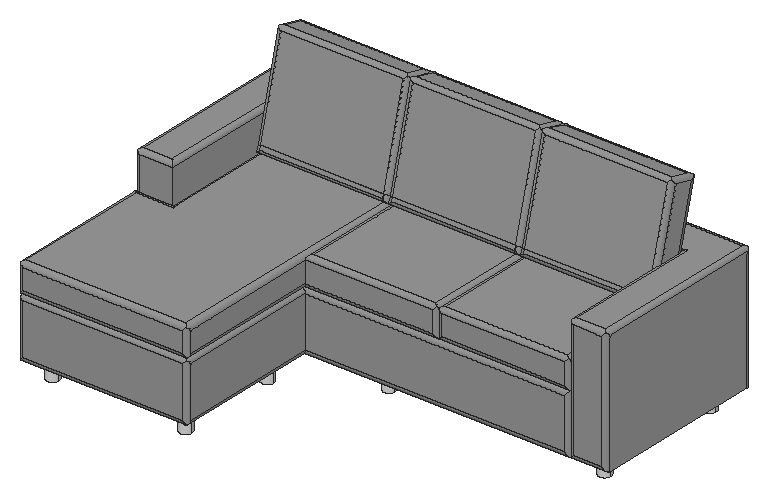
Revit family "Sectional Couch", category Furniture, Revit 2015
Reference planes (in)
  plane 1 "Center Front/Back": y = 0
  plane 2: z = 0
  plane 3 "Center Left/Right": x = 0
Forms (in)
  Extrusion 1, solid, material "Couch Material"
    sketch origin (0, 0, 3) x (1, 0, 0) y (0, 1, 0)
      loop
        line (-39, 27.25) -> (-39, -27.25) -> (-10.75, -27.25) -> (-10.75, -2.75) -> (39.5, -2.75) -> (39.5, 27.25) -> (-39, 27.25)
    from 0 to 10
  Extrusion 2, solid, material "Couch Material"
    sketch origin (0.25, 0, 13) x (1, 0, 0) y (0, 1, 0)
      loop
        line (-33, 21) -> (-33, -2.75) -> (-39.25, -2.75) -> (-39.25, -27.25) -> (-11, -27.25) -> (-11, 21) -> (-33, 21)
    from 0 to 5
  Extrusion 3, solid, material "Couch Material"
    sketch origin (0, 0, 0) x (1, 0, 0) y (0, 1, 0)
      loop
        line (-39, 27.25) -> (-39, -2.75) -> (-32.75, -2.75) -> (-32.75, 21) -> (33.25, 21) -> (33.25, -2.75) -> (39.5, -2.75) -> (39.5, 27.25) -> (-39, 27.25)
    from 3 to 24
  Extrusion 4, solid, material "Couch Legs"
    sketch origin (0.85007, 1.55847, 0) x (1, 0, 0) y (0, 1, 0)
      loop
        circle (-36.81631, -25.36609) r 1
    from 0 to 3
  Extrusion 5, solid, material "Couch Legs"
    sketch origin (0.85007, 18.55847, 0) x (1, 0, 0) y (0, 1, 0)
      loop
        circle (-36.81631, -25.36609) r 1
    from 0 to 3
  Extrusion 6, solid, material "Couch Legs"
    sketch origin (0.85007, 48.55847, 0) x (1, 0, 0) y (0, 1, 0)
      loop
        circle (-36.81631, -25.36609) r 1
    from 0 to 3
  Extrusion 7, solid, material "Couch Legs"
    sketch origin (-0.85007, 48.55847, 0) x (-1, 0, 0) y (0, -1, 0)
      loop
        circle (-36.81631, 25.36609) r 1
    from 0 to 3
  Extrusion 8, solid, material "Couch Legs"
    sketch origin (-0.85007, -24.05847, 0) x (-1, 0, 0) y (0, -1, 0)
      loop
        circle (-36.81631, -25.36609) r 1
    from 0 to 3
  Extrusion 9, solid, material "Couch Legs"
    sketch origin (36.81631, 48.55847, 0) x (1, 0, 0) y (0, 1, 0)
      loop
        circle (-36.81631, -25.36609) r 1
    from 0 to 3
  Extrusion 10, solid, material "Couch Legs"
    sketch origin (36.81631, -24.05847, 0) x (1, 0, 0) y (0, 1, 0)
      loop
        circle (-36.81631, 25.36609) r 1
    from 0 to 3
  Extrusion 11, solid, material "Couch Legs"
    sketch origin (-50.60007, 1.55847, 0) x (-1, 0, 0) y (0, -1, 0)
      loop
        circle (-36.81631, 25.36609) r 1
    from 0 to 3
  Extrusion 12, solid, material "Couch Legs"
    sketch origin (-50.60007, 18.55847, 0) x (-1, 0, 0) y (0, -1, 0)
      loop
        circle (-36.81631, 25.36609) r 1
    from 0 to 3
  Extrusion 13, solid, material "Couch Material"
    sketch origin (96, 0, 0) x (1, 0, 0) y (0, 1, 0)
      loop
        line (-106.75, 21) -> (-106.75, -2.75) -> (-84.75, -2.75) -> (-84.75, 21) -> (-106.75, 21)
    from 13 to 18
  Extrusion 14, solid, material "Couch Material"
    sketch origin (118, 0, 0) x (1, 0, 0) y (0, 1, 0)
      loop
        line (-106.75, 21) -> (-106.75, -2.75) -> (-84.75, -2.75) -> (-84.75, 21) -> (-106.75, 21)
    from 13 to 18
  Extrusion 15, void
    sketch origin (96, 0, 0) x (1, 0, 0) y (0, 0, 1)
      loop
        arc (-106.75, 17.19712) -> (-106.51484, 17.76484) -> (-105.94712, 18) r 0.80288
        line (-105.94712, 18) -> (-105.94712, 18.38587) -> (-107.55288, 18.38587) -> (-107.55288, 18)
        arc (-107.55288, 18) -> (-106.98516, 17.76484) -> (-106.75, 17.19712) r 0.80288
    from -21 to 28.68369
  Extrusion 16, void
    sketch origin (118, 0, 0) x (1, 0, 0) y (0, 0, 1)
      loop
        arc (-106.75, 17.19712) -> (-106.51484, 17.76484) -> (-105.94712, 18) r 0.80288
        line (-105.94712, 18) -> (-105.94712, 18.38587) -> (-107.55288, 18.38587) -> (-107.55288, 18)
        arc (-107.55288, 18) -> (-106.98516, 17.76484) -> (-106.75, 17.19712) r 0.80288
    from -21 to 4.71656
  Extrusion 17, void
    sketch origin (0, 0, 0) x (1, 0, 0) y (0, 0, 1)
      loop
        arc (-10.75, 13.75) -> (-10.96967, 13.21967) -> (-11.5, 13) r 0.75
        arc (-11.5, 13) -> (-10.96967, 12.78033) -> (-10.75, 12.25) r 0.75
        line (-10.75, 12.25) -> (-10.75, 13.75)
    from 2.75 to 27.79402
  Extrusion 18, void
    sketch origin (0, 0, 0) x (0, 1, 0) y (0, 0, 1)
      loop
        line (-2.75, 13.75) -> (-2.75, 12.25)
        arc (-2.75, 12.25) -> (-2.53033, 12.78033) -> (-2, 13) r 0.75
        arc (-2, 13) -> (-2.53033, 13.21967) -> (-2.75, 13.75) r 0.75
    from -11.5 to 33.25
  Extrusion 19, void
    sketch origin (0, -24.5, 0) x (0, 1, 0) y (0, 0, 1)
      loop
        line (-2.75, 13.75) -> (-3, 13.75) -> (-3, 12.25) -> (-2.75, 12.25)
        arc (-2.75, 12.25) -> (-2.53033, 12.78033) -> (-2, 13) r 0.75
        arc (-2, 13) -> (-2.53033, 13.21967) -> (-2.75, 13.75) r 0.75
    from -40.32495 to -9.40414
  Extrusion 20, void
    sketch origin (-49.75, 0, 0) x (-1, 0, 0) y (0, 0, -1)
      loop
        line (-10.75, -13.75) -> (-10.5, -13.75) -> (-10.5, -12.25) -> (-10.75, -12.25)
        arc (-10.75, -12.25) -> (-10.96967, -12.78033) -> (-11.5, -13) r 0.75
        arc (-11.5, -13) -> (-10.96967, -13.21967) -> (-10.75, -13.75) r 0.75
    from 2.75 to 27.79402
  Extrusion 21, void
    sketch origin (0, 0, 11) x (0, 1, 0) y (0, 0, 1)
      loop
        arc (-2.75, 12.25) -> (-2.53033, 12.78033) -> (-2, 13) r 0.75
        line (-2, 13) -> (-3, 13) -> (-3, 12.25) -> (-2.75, 12.25)
    from -41.20204 to 40.91471
  Extrusion 22, void
    sketch origin (0, -24.5, 5) x (0, 1, 0) y (0, 0, 1)
      loop
        arc (-2.75, 12.25) -> (-2.53033, 12.78033) -> (-2, 13) r 0.75
        line (-2, 13) -> (-3, 13) -> (-3, 12.25) -> (-2.75, 12.25)
    from -40.32495 to -9.40414
  Extrusion 23, void
    sketch origin (0, 0, 5) x (0, 1, 0) y (0, 0, 1)
      loop
        arc (-2.75, 12.25) -> (-2.53033, 12.78033) -> (-2, 13) r 0.75
        line (-2, 13) -> (-2.75, 13) -> (-2.75, 12.25)
    from -10.75 to 33.25
  Extrusion 24, void
    sketch origin (0, 45, 0) x (1, 0, 0) y (0, 0, 1)
      loop
        arc (-10.75, 13.75) -> (-10.96967, 13.21967) -> (-11.5, 13) r 0.75
        line (-11.5, 13) -> (-10.75, 13) -> (-10.75, 13.75)
    from 43.50657 to 47.75
  Extrusion 25, void
    sketch origin (0, 0, 0) x (1, 0, 0) y (0, 1, 0)
      loop
        arc (12, -2.75) -> (11.46967, -2.53033) -> (11.25, -2) r 0.75
        arc (11.25, -2) -> (11.03033, -2.53033) -> (10.5, -2.75) r 0.75
        line (10.5, -2.75) -> (10.5, -3.13513) -> (12, -3.13513) -> (12, -2.75)
    from 13 to 19.71794
  Extrusion 26, void
    sketch origin (22, 0, 0) x (1, 0, 0) y (0, 1, 0)
      loop
        line (10.5, -2.75) -> (10.5, -3.13513) -> (12, -3.13513) -> (12, -2.75)
        arc (12, -2.75) -> (11.46967, -2.53033) -> (11.25, -2) r 0.75
        arc (11.25, -2) -> (11.03033, -2.53033) -> (10.5, -2.75) r 0.75
    from 1.84504 to 25.16148
  Extrusion 27, void
    sketch origin (140, 0, 0) x (1, 0, 0) y (0, 0, 1)
      loop
        line (-106.75, 17.19712) -> (-106.75, 18.38587) -> (-107.55288, 18.38587) -> (-107.55288, 18)
        arc (-107.55288, 18) -> (-106.98516, 17.76484) -> (-106.75, 17.19712) r 0.80288
    from -21 to 4.71656
  Extrusion 28, void
    sketch origin (-49.75, 0, 5) x (-1, 0, 0) y (0, 0, -1)
      loop
        arc (-10.75, -12.25) -> (-10.96967, -12.78033) -> (-11.5, -13) r 0.75
        line (-11.5, -13) -> (-10.5, -13) -> (-10.5, -12.25) -> (-10.75, -12.25)
    from 2.75 to 27.79402
  Extrusion 29, void
    sketch origin (-139.5, 0, 0) x (-1, 0, 0) y (0, 0, -1)
      loop
        arc (-106.75, -17.19712) -> (-106.98516, -17.76484) -> (-107.55288, -18) r 0.80288
        line (-107.55288, -18) -> (-107.55288, -18.38587) -> (-106.75, -18.38587) -> (-106.75, -17.19712)
    from -21 to 2.75
  Extrusion 30, void
    sketch origin (0, 18.25, 5) x (0, -1, 0) y (0, 0, -1)
      loop
        line (-2.75, -12.25) -> (-2.75, -13) -> (-2, -13)
        arc (-2, -13) -> (-2.53033, -12.78033) -> (-2.75, -12.25) r 0.75
    from -32.75 to 33.25
  Extrusion 31, void
    sketch origin (-75, -5.5, 5) x (0, -1, 0) y (0, 0, -1)
      loop
        line (-2.75, -12.25) -> (-2.75, -13) -> (-2, -13)
        arc (-2, -13) -> (-2.53033, -12.78033) -> (-2.75, -12.25) r 0.75
    from 33.79796 to 43.05288
  Extrusion 32, solid, material "Couch Material"
    sketch origin (0, -2.68027, 4.86005) x (1, 0, 0) y (0, 0.965926, -0.258819)
      loop
        line (-32.75, 17.9196) -> (-32.75, 12.9196) -> (-10.75, 12.9196) -> (-10.75, 17.9196) -> (-32.75, 17.9196)
    from 18.443 to 35
  Extrusion 33, solid, material "Couch Material"
    sketch origin (22, -2.68027, 4.86005) x (1, 0, 0) y (0, 0.965926, -0.258819)
      loop
        line (-32.75, 17.9196) -> (-32.75, 12.9196) -> (-10.75, 12.9196) -> (-10.75, 17.9196) -> (-32.75, 17.9196)
    from 18.443 to 35
  Extrusion 34, solid, material "Couch Material"
    sketch origin (44, -2.68027, 4.86005) x (1, 0, 0) y (0, 0.965926, -0.258819)
      loop
        line (-32.75, 17.9196) -> (-32.75, 12.9196) -> (-10.75, 12.9196) -> (-10.75, 17.9196) -> (-32.75, 17.9196)
    from 18.443 to 35
  Extrusion 35, void
    sketch origin (96, -5.65571, 5.65732) x (1, 0, 0) y (0, 0.965926, -0.258819)
      loop
        arc (-106, 16) -> (-106.53033, 16.21967) -> (-106.75, 16.75) r 0.75
        arc (-106.75, 16.75) -> (-106.96967, 16.21967) -> (-107.5, 16) r 0.75
        line (-107.5, 16) -> (-107.5, 15.75) -> (-106, 15.75) -> (-106, 16)
    from 17.06789 to 36.54102
  Extrusion 36, void
    sketch origin (118, -5.65571, 5.65732) x (1, 0, 0) y (0, 0.965926, -0.258819)
      loop
        arc (-106, 16) -> (-106.53033, 16.21967) -> (-106.75, 16.75) r 0.75
        arc (-106.75, 16.75) -> (-106.96967, 16.21967) -> (-107.5, 16) r 0.75
        line (-107.5, 16) -> (-107.5, 15.75) -> (-106, 15.75) -> (-106, 16)
    from 17.03253 to 36.54102
  Extrusion 37, void
    sketch origin (74, -5.65571, 5.65732) x (1, 0, 0) y (0, 0.965926, -0.258819)
      loop
        arc (-106, 16) -> (-106.53033, 16.21967) -> (-106.75, 16.75) r 0.75
        line (-106.75, 16.75) -> (-106.75, 15.75) -> (-106, 15.75) -> (-106, 16)
    from 17.06789 to 36.54102
  Extrusion 38, void
    sketch origin (-73.5, -5.65571, 5.65732) x (-1, 0, 0) y (0, -0.965926, 0.258819)
      loop
        line (-106, -16) -> (-106, -15.75) -> (-106.75, -15.75) -> (-106.75, -16.75)
        arc (-106.75, -16.75) -> (-106.53033, -16.21967) -> (-106, -16) r 0.75
    from 17.03253 to 36.54102
  Extrusion 39, void
    sketch origin (96, -5.65571, 5.65732) x (0, 0.965926, -0.258819) y (0, 0.258819, 0.965926)
      loop
        arc (20.25, 35) -> (20.78033, 34.78033) -> (21, 34.25) r 0.75
        line (21, 34.25) -> (21.25, 34.25) -> (21.25, 35.25) -> (20.25, 35.25) -> (20.25, 35)
    from -128.75 to -62.75
  Extrusion 40, void
    sketch origin (96, 30.08355, -3.91899) x (0, -0.965926, 0.258819) y (0, -0.258819, -0.965926)
      loop
        line (20.25, -35) -> (20.25, -35.25) -> (21.25, -35.25) -> (21.25, -34.25) -> (21, -34.25)
        arc (21, -34.25) -> (20.78033, -34.78033) -> (20.25, -35) r 0.75
    from -128.75 to -62.75
  Extrusion 41, void
    sketch origin (96, -5.65571, 5.65732) x (1, 0, 0) y (0, 0.258819, 0.965926)
      loop
        line (-106, 35) -> (-106, 35.25) -> (-107.5, 35.25) -> (-107.5, 35)
        arc (-107.5, 35) -> (-106.96967, 34.78033) -> (-106.75, 34.25) r 0.75
        arc (-106.75, 34.25) -> (-106.53033, 34.78033) -> (-106, 35) r 0.75
    from -22.57749 to -13.95845
  Extrusion 42, void
    sketch origin (118, -5.65571, 5.65732) x (1, 0, 0) y (0, 0.258819, 0.965926)
      loop
        line (-106, 35) -> (-106, 35.25) -> (-107.5, 35.25) -> (-107.5, 35)
        arc (-107.5, 35) -> (-106.96967, 34.78033) -> (-106.75, 34.25) r 0.75
        arc (-106.75, 34.25) -> (-106.53033, 34.78033) -> (-106, 35) r 0.75
    from -22.57749 to -13.95845
  Extrusion 43, void
    sketch origin (140, -5.65571, 5.65732) x (1, 0, 0) y (0, 0.258819, 0.965926)
      loop
        arc (-107.5, 35) -> (-106.96967, 34.78033) -> (-106.75, 34.25) r 0.75
        line (-106.75, 34.25) -> (-106.75, 35.25) -> (-107.5, 35.25) -> (-107.5, 35)
    from -22.57749 to -13.95845
  Extrusion 44, void
    sketch origin (74, -5.65571, 5.65732) x (1, 0, 0) y (0, 0.258819, 0.965926)
      loop
        line (-106, 35) -> (-106, 35.25) -> (-106.75, 35.25) -> (-106.75, 34.25)
        arc (-106.75, 34.25) -> (-106.53033, 34.78033) -> (-106, 35) r 0.75
    from -22.57749 to -13.95845
  Extrusion 45, void
    sketch origin (96, 30.08355, -3.91899) x (1, 0, 0) y (0, 0.965926, -0.258819)
      loop
        line (-106, -16) -> (-106, -15.75) -> (-107.5, -15.75) -> (-107.5, -16)
        arc (-107.5, -16) -> (-106.96967, -16.21967) -> (-106.75, -16.75) r 0.75
        arc (-106.75, -16.75) -> (-106.53033, -16.21967) -> (-106, -16) r 0.75
    from 18 to 36.54102
  Extrusion 46, void
    sketch origin (118, 30.08355, -3.91899) x (1, 0, 0) y (0, 0.965926, -0.258819)
      loop
        line (-106, -16) -> (-106, -15.75) -> (-107.5, -15.75) -> (-107.5, -16)
        arc (-107.5, -16) -> (-106.96967, -16.21967) -> (-106.75, -16.75) r 0.75
        arc (-106.75, -16.75) -> (-106.53033, -16.21967) -> (-106, -16) r 0.75
    from 18 to 36.54102
  Extrusion 47, void
    sketch origin (74, 30.08355, -3.91899) x (1, 0, 0) y (0, 0.965926, -0.258819)
      loop
        line (-106, -16) -> (-106, -15.75) -> (-106.75, -15.75) -> (-106.75, -16.75)
        arc (-106.75, -16.75) -> (-106.53033, -16.21967) -> (-106, -16) r 0.75
    from 18 to 36.54102
  Extrusion 48, void
    sketch origin (-73.5, 30.08355, -3.91899) x (-1, 0, 0) y (0, -0.965926, 0.258819)
      loop
        arc (-106, 16) -> (-106.53033, 16.21967) -> (-106.75, 16.75) r 0.75
        line (-106.75, 16.75) -> (-106.75, 15.75) -> (-106, 15.75) -> (-106, 16)
    from 18 to 36.54102
  Extrusion 49, solid, material "Couch Material"
    sketch origin (0, 0, 0) x (0, 1, 0) y (0, 0, 1)
      loop
        line (14.57251, 19.33078) -> (14.36927, 18.63718)
        arc (14.36927, 18.63718) -> (14.4484, 18.19968) -> (14.846, 18.00072) r 0.49678
        line (14.846, 18.00072) -> (19.40334, 18.00072) -> (19.40334, 18.03636) -> (14.57251, 19.33078)
    from -32.75 to -10.75
  Extrusion 50, solid, material "Couch Material"
    sketch origin (22, 0, 0) x (0, 1, 0) y (0, 0, 1)
      loop
        line (14.57251, 19.33078) -> (14.36927, 18.63718)
        arc (14.36927, 18.63718) -> (14.4484, 18.19968) -> (14.846, 18.00072) r 0.49678
        line (14.846, 18.00072) -> (19.40334, 18.00072) -> (19.40334, 18.03636) -> (14.57251, 19.33078)
    from -32.75 to -10.75
  Extrusion 51, solid, material "Couch Material"
    sketch origin (44, 0, 0) x (0, 1, 0) y (0, 0, 1)
      loop
        line (14.57251, 19.33078) -> (14.36927, 18.63718)
        arc (14.36927, 18.63718) -> (14.4484, 18.19968) -> (14.846, 18.00072) r 0.49678
        line (14.846, 18.00072) -> (19.40334, 18.00072) -> (19.40334, 18.03636) -> (14.57251, 19.33078)
    from -32.75 to -10.75
  Extrusion 52, void
    sketch origin (0, 24.5, 11) x (0, -1, 0) y (0, 0, -1)
      loop
        line (-2.75, -12.25) -> (-3, -12.25) -> (-3, -13) -> (-2, -13)
        arc (-2, -13) -> (-2.53033, -12.78033) -> (-2.75, -12.25) r 0.75
    from -41.20204 to 40.91471
  Extrusion 53, void
    sketch origin (0, 0, 0) x (0, 1, 0) y (0, 0, 1)
      loop
        line (26.84741, 3) -> (26.84741, 2.90259) -> (27.35684, 2.90259) -> (27.35684, 3.40259) -> (27.25, 3.40259)
        arc (27.25, 3.40259) -> (27.13208, 3.11792) -> (26.84741, 3) r 0.40259
    from -39 to 40.91471
  Extrusion 54, void
    sketch origin (0, -24.5, 16) x (0, 1, 0) y (0, 0, 1)
      loop
        line (-2.75, -12.25) -> (-3, -12.25) -> (-3, -13) -> (-2, -13)
        arc (-2, -13) -> (-2.53033, -12.78033) -> (-2.75, -12.25) r 0.75
    from -40.32495 to -9.40414
  Extrusion 55, void
    sketch origin (0, 0, 16) x (0, 1, 0) y (0, 0, 1)
      loop
        arc (-2.75, -12.25) -> (-2.96967, -12.78033) -> (-3.5, -13) r 0.75
        line (-3.5, -13) -> (-2, -13)
        arc (-2, -13) -> (-2.53033, -12.78033) -> (-2.75, -12.25) r 0.75
    from -40.32495 to 40.91471
  Extrusion 56, void
    sketch origin (0, 0, 0) x (1, 0, 0) y (0, 1, 0)
      loop
        arc (-10.75, -26.5) -> (-10.96967, -27.03033) -> (-11.5, -27.25) r 0.75
        line (-11.5, -27.25) -> (-11.5, -27.5) -> (-10.5, -27.5) -> (-10.5, -26.5) -> (-10.75, -26.5)
    from 1.84504 to 19.71794
  Extrusion 57, void
    sketch origin (-49.75, 0, 0) x (-1, 0, 0) y (0, -1, 0)
      loop
        line (-10.75, 26.5) -> (-10.5, 26.5) -> (-10.5, 27.5) -> (-11.5, 27.5) -> (-11.5, 27.25)
        arc (-11.5, 27.25) -> (-10.96967, 27.03033) -> (-10.75, 26.5) r 0.75
    from 1.84504 to 19.71794
  Extrusion 58, void
    sketch origin (0, 0, 0) x (1, 0, 0) y (0, 1, 0)
      loop
        arc (-39, -3.5) -> (-38.78033, -2.96967) -> (-38.25, -2.75) r 0.75
        arc (-38.25, -2.75) -> (-38.78033, -2.53033) -> (-39, -2) r 0.75
        line (-39, -2) -> (-39.5, -2) -> (-39.5, -3.5) -> (-39, -3.5)
    from 1.02852 to 27.39903
  Extrusion 59, void
    sketch origin (0, 30, 0) x (1, 0, 0) y (0, 1, 0)
      loop
        arc (-39, -3.5) -> (-38.78033, -2.96967) -> (-38.25, -2.75) r 0.75
        line (-38.25, -2.75) -> (-39.5, -2.75) -> (-39.5, -3.5) -> (-39, -3.5)
    from 1.02852 to 27.39903
  Extrusion 60, void
    sketch origin (0.5, 30, 0) x (-1, 0, 0) y (0, -1, 0)
      loop
        line (-39, 3.5) -> (-39.5, 3.5) -> (-39.5, 2.75) -> (-38.25, 2.75)
        arc (-38.25, 2.75) -> (-38.78033, 2.96967) -> (-39, 3.5) r 0.75
    from 1.02852 to 27.39903
  Extrusion 61, void
    sketch origin (0, 0, 0) x (1, 0, 0) y (0, 0, 1)
      loop
        line (-39, 3.75) -> (-39.32268, 3.75) -> (-39.32268, 2.68946) -> (-38.25, 2.68946) -> (-38.25, 3)
        arc (-38.25, 3) -> (-38.78033, 3.21967) -> (-39, 3.75) r 0.75
    from -28.91311 to 28.68293
  Extrusion 62, void
    sketch origin (-49.75, 0, 0) x (-1, 0, 0) y (0, 0, -1)
      loop
        arc (-39, -3.75) -> (-38.78033, -3.21967) -> (-38.25, -3) r 0.75
        line (-38.25, -3) -> (-38.25, -2.68946) -> (-39.32268, -2.68946) -> (-39.32268, -3.75) -> (-39, -3.75)
    from 2.75 to 28.68293
  Extrusion 63, void
    sketch origin (0, 0, 0) x (1, 0, 0) y (0, 0, 1)
      loop
        line (-38.25, 24) -> (-38.25, 24.25) -> (-39.17262, 24.25) -> (-39.17262, 23.25) -> (-39, 23.25)
        arc (-39, 23.25) -> (-38.78033, 23.78033) -> (-38.25, 24) r 0.75
    from -29.91335 to 6.07114
  Extrusion 64, void
    sketch origin (0.5, 0, 0) x (-1, 0, 0) y (0, 0, -1)
      loop
        arc (-38.25, -24) -> (-38.78033, -23.78033) -> (-39, -23.25) r 0.75
        line (-39, -23.25) -> (-39.17262, -23.25) -> (-39.17262, -24.25) -> (-38.25, -24.25) -> (-38.25, -24)
    from -29.91335 to 6.07114
  Extrusion 65, void
    sketch origin (-71.75, 0, 0) x (-1, 0, 0) y (0, 0, -1)
      loop
        arc (-38.25, -24) -> (-38.78033, -23.78033) -> (-39, -23.25) r 0.75
        line (-39, -23.25) -> (-39, -24.25) -> (-38.25, -24.25) -> (-38.25, -24)
    from -21 to 6.07114
  Extrusion 66, void
    sketch origin (72.25, 0, 0) x (1, 0, 0) y (0, 0, 1)
      loop
        line (-38.25, 24) -> (-38.25, 24.25) -> (-39, 24.25) -> (-39, 23.25)
        arc (-39, 23.25) -> (-38.78033, 23.78033) -> (-38.25, 24) r 0.75
    from -21 to 6.07114
  Extrusion 67, void
    sketch origin (0.5, -5.5, 0) x (-1, 0, 0) y (0, -1, 0)
      loop
        arc (-39, -3.5) -> (-38.78033, -2.96967) -> (-38.25, -2.75) r 0.75
        line (-38.25, -2.75) -> (-39.5, -2.75) -> (-39.5, -3.5) -> (-39, -3.5)
    from 1.02852 to 27.39903
Cuts and joins
  Extrusion 17, Extrusion 18, Extrusion 19, Extrusion 20, Extrusion 21, Extrusion 23, Extrusion 24, Extrusion 25, Extrusion 26, Extrusion 27, Extrusion 28, Extrusion 29, Extrusion 30, Extrusion 31, Extrusion 52, Extrusion 53, Extrusion 54, Extrusion 55, Extrusion 56, Extrusion 57, Extrusion 58, Extrusion 59, Extrusion 60, Extrusion 61, Extrusion 62, Extrusion 63, Extrusion 64, Extrusion 65, Extrusion 66, Extrusion 67 cuts Extrusion 1
  Extrusion 18, Extrusion 19, Extrusion 20, Extrusion 21, Extrusion 23, Extrusion 24, Extrusion 25, Extrusion 26, Extrusion 27, Extrusion 28, Extrusion 29, Extrusion 30, Extrusion 31, Extrusion 52, Extrusion 53, Extrusion 55, Extrusion 56, Extrusion 57, Extrusion 58, Extrusion 59, Extrusion 60, Extrusion 61, Extrusion 62, Extrusion 63, Extrusion 64, Extrusion 65, Extrusion 66, Extrusion 67 cuts Extrusion 3
  joined: Extrusion 1, Extrusion 3
  Extrusion 15, Extrusion 16, Extrusion 17, Extrusion 19, Extrusion 20, Extrusion 22, Extrusion 24, Extrusion 28, Extrusion 29, Extrusion 30, Extrusion 31, Extrusion 54, Extrusion 56, Extrusion 57, Extrusion 58, Extrusion 59 cuts Extrusion 2
  Extrusion 15, Extrusion 16, Extrusion 18, Extrusion 19, Extrusion 20, Extrusion 21, Extrusion 23, Extrusion 25, Extrusion 26, Extrusion 27, Extrusion 30 cuts Extrusion 13
  Extrusion 16, Extrusion 18, Extrusion 19, Extrusion 21, Extrusion 23, Extrusion 25, Extrusion 26, Extrusion 27, Extrusion 29, Extrusion 30 cuts Extrusion 14
  Extrusion 35, Extrusion 37, Extrusion 39, Extrusion 40, Extrusion 41, Extrusion 44, Extrusion 47, Extrusion 66 cuts Extrusion 32
  Extrusion 35, Extrusion 36, Extrusion 39, Extrusion 40, Extrusion 41, Extrusion 42, Extrusion 45, Extrusion 46 cuts Extrusion 33
  Extrusion 36, Extrusion 38, Extrusion 39, Extrusion 40, Extrusion 42, Extrusion 43, Extrusion 46, Extrusion 48 cuts Extrusion 34
  Extrusion 36, Extrusion 38 cuts Extrusion 51
  Extrusion 35, Extrusion 36 cuts Extrusion 50
  Extrusion 35, Extrusion 37 cuts Extrusion 49
Dimensions and locks (in)
  aligned and locked: level to plane 2
